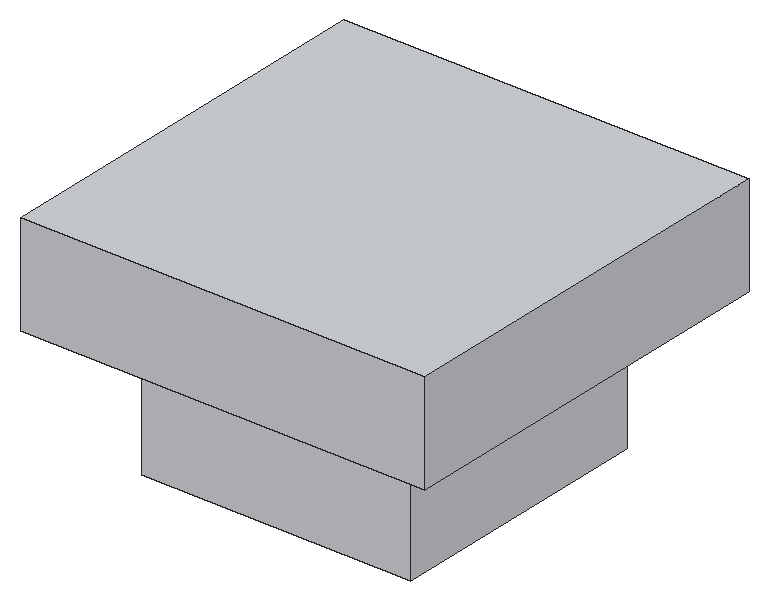
Revit family "Steady State Speed Controller", category Mechanical Control Devices, host Face, Revit 2025
Family settings
  Host = Face
  Round Connector Dimension = Use Diameter
  Part Type = Normal
  Cut with Voids When Loaded = No
  Maintain Annotation Orientation = Yes
  Shared = No
  Room Calculation Point = No
Parameters (values of type "ATS (Ceiling Mounted)")
  Width = 3"
  Wall Mounted = no
  Rotate [instance] = yes
  Label = "SSC"
  Height = 3"
  Default Elevation = 48"
  Ceiling Mounted = yes
Types (2): name | Wall Mounted | Rotate | Label | Ceiling Mounted
  ATS (Wall Mounted) | yes | no | "ATS" | no
  ATS (Ceiling Mounted) | no | yes | "SSC" | yes
Reference planes (in)
  plane 1 "Center (Front/Back)": y = 0
  plane 2: z = 0
  plane 3 "Center (Left/Right)": x = 0
  plane 4: z = 0.75
  plane 5: z = -1
Forms (in)
  Extrusion 1, solid
    sketch origin (0, 0, 0) x (1, 0, 0) y (0, 1, 0)
      loop
        line (-1.5, 1.5) -> (-1.5, -1.5) -> (1.5, -1.5) -> (1.5, 1.5) -> (-1.5, 1.5)
    from 0 to 0.75
  Extrusion 2, solid
    sketch origin (0, 0, 0) x (1, 0, 0) y (0, 1, 0)
      loop
        line (-1, 1) -> (-1, -1) -> (1, -1) -> (1, 1) -> (-1, 1)
    from 0 to -1
Dimensions and locks (in)
  equal spacing: Extrusion 1 sketch curve, plane 3 "Center (Left/Right)", Extrusion 1 sketch curve
  equal spacing: Extrusion 1 sketch curve, plane 1 "Center (Front/Back)", Extrusion 1 sketch curve
  "Height": Extrusion 1 sketch curve to Extrusion 1 sketch curve
  "Width": Extrusion 1 sketch curve to Extrusion 1 sketch curve
  plane 4 to plane 2 = 3/4"
  equal spacing: Extrusion 2 sketch curve, plane 3 "Center (Left/Right)", Extrusion 2 sketch curve
  equal spacing: Extrusion 2 sketch curve, plane 1 "Center (Front/Back)", Extrusion 2 sketch curve
  plane 1 "Center (Front/Back)" to Extrusion 2 sketch curve = 1"
  plane 3 "Center (Left/Right)" to Extrusion 2 sketch curve = 1"
  plane 2 to plane 5 = 1"
  aligned and locked: plane 2 to host face
  aligned and locked: level to host face
  aligned and locked: plane 4 to Extrusion 1
  aligned and locked: Extrusion 2 to plane 5
Automatic sketch dimensions
  host sketch curve to host sketch curve = 96"  (x2)
Nested families (in)
  nested 1: "Wall Symbol" at (0, 0, 0), visible <- "Wall Mounted", type "Standard"
  nested 2: "Ceiling Symbol" at (0, 0, 0), visible <- "Ceiling Mounted", type "Standard"
Definition of nested family "Wall Symbol"
  Parameters (values of type "Standard")
    Rotate = yes
    Not Rotate = not(Rotate)  # no
    Label = "ATS"
  Reference planes (in)
    plane 1: y = 0
    plane 2: x = 0
  Lines and regions (in)
    detail lines
      curve 1: line (-0.125, 0.25, 0) -> (0.125, 0.25, 0)
      curve 2: line (-0.125, 0, 0) -> (-0.125, 0.25, 0)
      curve 3: line (0.125, 0, 0) -> (-0.125, 0, 0)
      curve 4: line (0.125, 0.25, 0) -> (0.125, 0, 0)
  Text (in)
    label "ATS" at (0.00258, 0.12377, 0), shows "Label", visible <- "Not Rotate"
    label "ATS" at (0.00258, 0.12377, 0), shows "Label", visible <- "Rotate"
  Dimensions and locks (in)
    equal spacing: curve 2, plane 2, curve 4
    plane 2 to curve 4 = 1/8"
Definition of nested family "Ceiling Symbol"
  Parameters (values of type "Standard")
    Label = "ATS"
  Reference planes (in)
    plane 1: y = 0
    plane 2: x = 0
  Lines and regions (in)
    detail lines
      curve 1: line (-0.125, 0.125, 0) -> (0.125, 0.125, 0)
      curve 2: line (-0.125, -0.125, 0) -> (-0.125, 0.125, 0)
      curve 3: line (0.125, -0.125, 0) -> (-0.125, -0.125, 0)
      curve 4: line (0.125, 0.125, 0) -> (0.125, -0.125, 0)
  Text (in)
    label "ATS" at (0.00258, -0.00123, 0), shows "Label"
  Dimensions and locks (in)
    equal spacing: curve 2, plane 2, curve 4
    equal spacing: curve 1, plane 1, curve 3
    plane 1 to curve 1 = 1/8"
